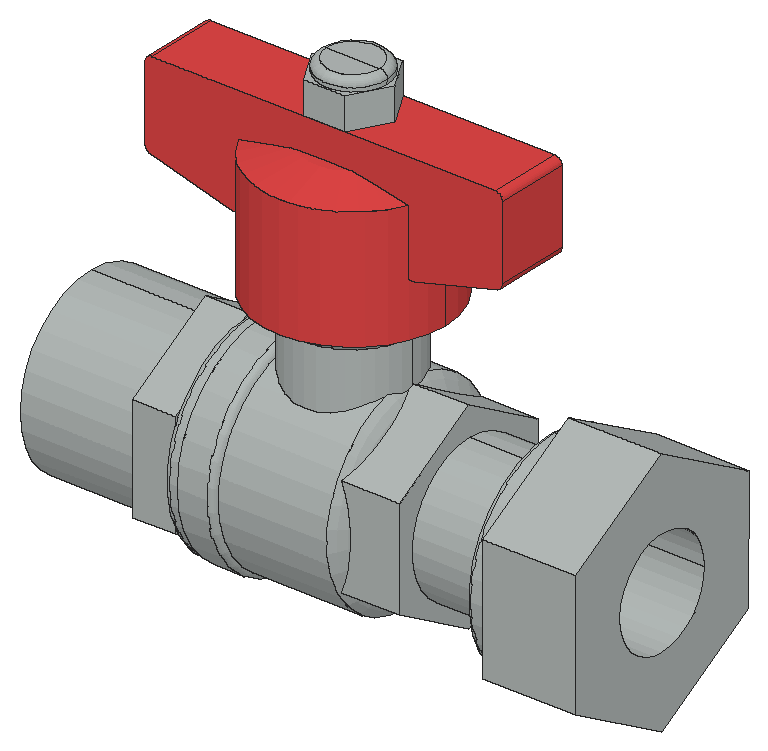
Revit family "QD00800000", category Apparecchi idraulici, Revit 2020
Family settings
  Quota connettore circolare = Usa diametro
  Tipo di parte = Normale
  Numero OmniClass = 23.45.00.00
  Titolo OmniClass = Sanitary, Laundry, and Cleaning Equipment
  Basato su piano di lavoro = No
  Sempre verticale = Sì
  Taglio con vuoti quando caricato = No
  Condiviso = No
  Punto di calcolo locali = No
Parameters
  URL = "https://web.cimberio.com/index.php/figura/332?subcategoria_id="
  Temperatura di esercizio = "-20 ÷ 65°C (servizio continuo) 90°C (picchi di 1h) secondo EN 13959"
  Prospetto di default = 0 mm
  Produttore = "CIMBERIO SPA"
  Pressione nominale = "PN 80 (DN15); PN 50 (DN20)"
  Pressione d'esercizio = "16 bar"
  Modello = "Cim 305"
  Materiale = "Prodotto in lega di ottone conforme alla norma EN 12165-CW617N-DW"
  Descrizione = "Utilizzato nei più svariati settori dell'impiantistica: reti di distribuzione acqua potabile, impianti di riscaldamento, condizionamento, igienico-sanitari e in generale con ogni fluido non corrosivo"
  DN Model [instance] = QD00802124 : QD00802124
  DN [instance] = 15 mm
  Commenti sul tipo = "Realizzato in ottemperanza ai requisiti gestionali della norma EN ISO 9001.\r\nCollaudato al 100% secondo la normativa EN 12266-1"
Reference planes
  plane 1 "Centro (Fronte/Retro)": y = 0
  plane 2: z = 0
  plane 3 "Centro (Sinistra/Destra)": x = 0
Dimensions and locks
  aligned and locked: level to plane 2
Nested families
  nested 1: "QD00802124" at (0, 0, 0), type <- "DN Model", type "QD00802124"
  nested 2: "QD00802124" at (0, 0, 0), type <- "DN Model", type "QD00802124"
  nested 3: "QD00802124" at (0, 0, 0), type <- "DN Model", type "QD00802124"
  nested 4: "QD00802124" at (0, 0, 0), type <- "DN Model", type "QD00802124"
Connectors
  piping at (43.2, 0, 0), diameter 15, driven by "DN"
    settings: on nested 1, index 1, connector inside diameter 609.6 mm, connector length 0 mm, flow factor 0, pipe flow 0.0 L/s, pressure drop 0.0 Pa, fitting loss kfactor 0, connector angle 0.00°, fixture units 0, engagement length 0 mm, angle of deflection 0.00°, flow configuration 0, flow direction 0, fitting loss method 0, system type 7, joint type 0, gender type 0, connector reference index -1, connector utility 0, adjustable connector no, is connector primary yes, connector description ""
  piping at (-36.612, 0, 0), diameter 15, driven by "DN"
    settings: on nested 1, index 2, connector inside diameter 609.6 mm, connector length 0 mm, flow factor 0, pipe flow 0.0 L/s, pressure drop 0.0 Pa, fitting loss kfactor 0, connector angle 0.00°, fixture units 0, engagement length 0 mm, angle of deflection 0.00°, flow configuration 0, flow direction 0, fitting loss method 0, system type 7, joint type 0, gender type 0, connector reference index -1, connector utility 0, adjustable connector no, is connector primary no, connector description ""
Definition of nested family "QD00802124"
  Parameters (values of type "QD00802124")
    URL = "https://web.cimberio.it/index.php/figura/394?subcategoria_id="
    Temperatura di esercizio = "-10 ÷ 95°C"
    Default Elevation = 0 mm
    Manufacturer = "CIMBERIO SPA"
    Pressione nominale = "PN 16"
    Model = "Cim 32"
    Materiale = "Prodotto in lega di ottone conforme alla norma EN 12165-CW617N-DW"
    Description = "Impiegato nei più svariati settori dell'impiantistica in condutture anti-ritorno per: reti di distribuzione acqua potabile, impianti di riscaldamento, condizionamento, igienico-sanitari e in generale con ogni fluido non corrosivo."
    Type Comments = "Realizzato in ottemperanza ai requisiti gestionali della norma EN ISO 9001.\r\nCollaudato al 100% secondo la normativa EN 12266-1"
  Reference planes
    plane 1 "Centro (Fronte/Retro)": y = 0
    plane 2: z = 0
    plane 3 "Centro (Sinistra/Destra)": x = 0
  Forms (mm)
    Revolve 1, solid
      sketch origin (0, 0, 0) x (1, 0, 0) y (0, 0, 1)
        loop
          line (-12.6, 14.75) -> (-13.886, 14.75)
          arc (-13.886, 14.75) -> (-14.391, 14.541) -> (-14.6, 14.036) r 0.714
          line (-14.6, 14.036) -> (-14.6, 7.5) -> (-12.6, 7.5) -> (-12.6, 14.75)
        axis (-14.6, 0) -> (-12.6, 0)
      angle from 0 to 360
    Revolve 2, solid
      sketch origin (0, 0, 0) x (1, 0, 0) y (0, 0, 1)
        loop
          line (-12.6, -15) -> (-8.453, -15)
          arc (-8.453, -15) -> (-7.862, -14.806) -> (-7.5, -14.3) r 1
          line (-7.5, -14.3) -> (7.7, -14.3)
          arc (7.7, -14.3) -> (9.549, -11.151) -> (9.473, -7.5) r 6.705
          line (9.473, -7.5) -> (-12.6, -7.5) -> (-12.6, -15)
        axis (-12.6, 0) -> (9.473, 0)
      angle from 0 to 360
    Extrusion 3, solid
      sketch origin (0, 0, 0) x (0, 1, 0) y (0, 0, 1)
        loop
          circle (0, 0) r 7.5
        loop
          line (0, 14) -> (-12.124, 7) -> (-12.124, -7) -> (0, -14) -> (12.124, -7) -> (12.124, 7) -> (0, 14)
      from 7.682 to 16.151
    Revolve 4, solid
      sketch origin (0, 0, 0) x (1, 0, 0) y (0, 0, 1)
        loop
          line (26, 10) -> (16.151, 10) -> (16.151, 7.5) -> (30.7, 7.5) -> (30.7, 11.1) -> (27.136, 11.1)
          arc (27.136, 11.1) -> (26.695, 10.419) -> (26, 10) r 1.808
        axis (16.151, 0) -> (30.7, 0)
      angle from 0 to 360
    Revolve 5, solid
      sketch origin (-3, 0, 0) x (1, 0, 0) y (0, 0, 1)
        loop
          line (30.7, 7.5) -> (33.2, 7.5) -> (33.2, 14.75) -> (31.216, 14.75)
          arc (31.216, 14.75) -> (30.851, 14.599) -> (30.7, 14.234) r 0.516
          line (30.7, 14.234) -> (30.7, 7.5)
        axis (30.7, 0) -> (33.2, 0)
      angle from 0 to 360
    Extrusion 6, solid
      sketch origin (0, 0, 0) x (0, 1, 0) y (0, 0, 1)
        loop
          circle (0, 0) r 7.5
        loop
          line (0, 17.4) -> (-15.069, 8.7) -> (-15.069, -8.7) -> (0, -17.4) -> (15.069, -8.7) -> (15.069, 8.7) -> (0, 17.4)
      from 30.2 to 43.2
    Revolve 7, solid
      sketch origin (0, 0, 0) x (1, 0, 0) y (0, 0, 1)
        loop
          line (-9, 26.168) -> (-9, 20.867)
          arc (-9, 20.867) -> (-8.866, 20.366) -> (-8.5, 20) r 1
          line (-8.5, 20) -> (-8.5, 11.674) -> (-0.999, 11.674) -> (-0.999, 26.168) -> (-9, 26.168)
        axis (-0.063, 26.168) -> (-0.063, 11.674)
      angle from 0 to 360
    Revolve 8, solid
      sketch origin (0, 0, 0) x (1, 0, 0) y (0, 0, 1)
        loop
          line (-12.882, 22.8) -> (0, 22.8) -> (0, 41.574)
          arc (0, 41.574) -> (-6.528, 41.282) -> (-12.882, 39.754) r 34.224
          line (-12.882, 39.754) -> (-12.882, 22.8)
        axis (0, 41.574) -> (0, 22.8)
      angle from 0 to 360
    Revolve 9, solid
      sketch origin (0, 0, 0) x (1, 0, 0) y (0, 0, 1)
        loop
          line (0, 49.392) -> (4.75, 49.392) -> (4.75, 50.768)
          arc (4.75, 50.768) -> (4.448, 51.498) -> (3.718, 51.8) r 1.032
          line (3.718, 51.8) -> (0, 51.8) -> (0, 49.392)
        axis (0, 51.8) -> (0, 49.392)
      angle from 0 to 360
    Extrusion 10, solid
      sketch origin (0, 0, 0) x (1, 0, 0) y (0, 0, 1)
        loop
          arc (-24, 45.8) -> (-24.707, 45.507) -> (-25, 44.8) r 1
          line (-25, 44.8) -> (-25, 34.567)
          arc (-25, 34.567) -> (-24.793, 33.959) -> (-24.259, 33.601) r 1
          line (-24.259, 33.601) -> (-12.721, 30.51) -> (12.721, 30.51) -> (24.259, 33.601)
          arc (24.259, 33.601) -> (24.793, 33.959) -> (25, 34.567) r 1
          line (25, 34.567) -> (25, 44.8)
          arc (25, 44.8) -> (24.707, 45.507) -> (24, 45.8) r 1
          line (24, 45.8) -> (-24, 45.8)
      from -5.184 to 5.128
    Extrusion 11, solid
      sketch origin (0, 0, 0) x (1, 0, 0) y (0, 1, 0)
        loop
          line (5.771, 0) -> (2.886, 4.998) -> (-2.886, 4.998) -> (-5.771, 0) -> (-2.886, -4.998) -> (2.886, -4.998) -> (5.771, 0)
      from 45.8 to 50.3
    Revolve 12, solid
      sketch origin (0, 0, 0) x (1, 0, 0) y (0, 0, 1)
        loop
          line (-36.612, 12.44) -> (-36.612, 7.5) -> (-20.621, 7.5) -> (-20.621, 12.44) -> (-36.612, 12.44)
        axis (-36.612, 0) -> (-20.621, 0)
      angle from 0 to 360
    Extrusion 13, solid
      sketch origin (-30.751, 0, 0) x (0, 1, 0) y (0, 0, 1)
        loop
          circle (0, 0) r 7.5
        loop
          line (0, 14.75) -> (-12.774, 7.375) -> (-12.774, -7.375) -> (0, -14.75) -> (12.774, -7.375) -> (12.774, 7.375) -> (0, 14.75)
      from 10.13 to 16.151
  Dimensions and locks
    aligned and locked: level to plane 2
